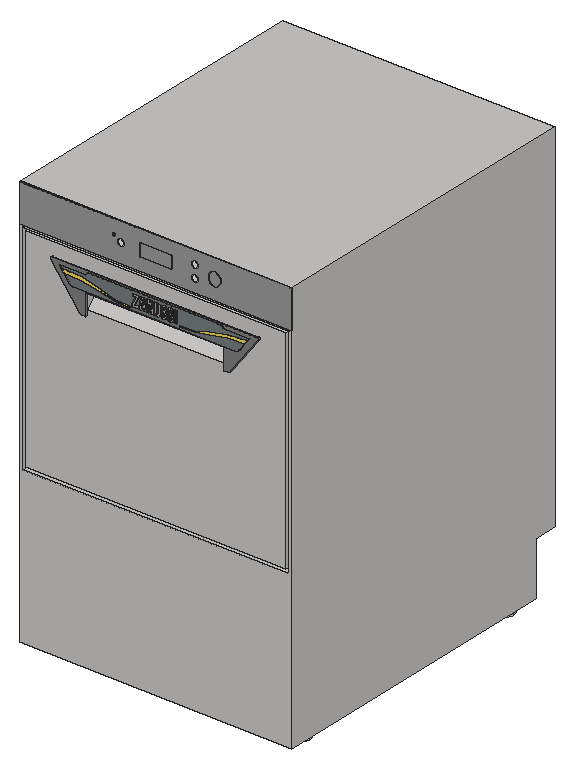
Revit family "QF_ZANUSSI_402190_ZTGWS1S", category Attrezzature speciali, Revit 2021
Family settings
  Quota connettore circolare = Usa diametro
  Tipo di parte = Normale
  Basato su piano di lavoro = No
  Sempre verticale = Sì
  Taglio con vuoti quando caricato = No
  Condiviso = No
  Punto di calcolo locali = No
Parameters (values of type "Standard")
  Weight = 36.50 kg
  Watts = 2700 W
  Volts = 220 V
  URL Manufacturer = "http://www.zanussiprofessional.com"
  URL = "http://www.zanussiprofessional.com"
  Steam Supply Size = 0 mm
  Steam Supply Minimum Pressure = 0.0 Pa
  Steam Supply Maximum Pressure = 0.0 Pa
  Steam Consumption per Hour = 0
  Show Logo [instance] = yes
  Show Clearance [instance] = yes
  Refrigeration Suction Line Size = 0 mm
  Refrigeration Liquid Line Size = 0 mm
  Refrigerant Compressor Remote = yes
  Produttore = "Zanussi"
  Phase = 1
  Modello = "ZTGWS1S"
  Length Actual = 455 mm  # constant formula
  Item Number = "402190"
  Hot Water Size = 0 mm
  Height Actual = 700 mm  # constant formula
  HP = "3.6 HP"
  Gas Size = 0 mm
  Gas KW = 0
  Gas Input Pressure = 0 W
  Direct Waste Size = 29 mm
  Descrizione = "UC GLASSWASHER (S), ELECTRONIC, SINGLE SKIN, PRESSURE, RINSE AID PUMP, 40R/H, 230/1/50HZ, SCHUKO PLUG"
  Prospetto di default = 0 mm
  Depth Actual = 550 mm  # constant formula
  Cycle = 50 Hz
  Condensate Return Size = 0 mm
  Compressed Air Volume = 0.0 L/s
  Compressed Air Size = 0 mm
  Compressed Air Pressure = 0.0 Pa
  Cold Water Size = 19.05 mm
  Accessory = yes
Reference planes
  plane 1 "Center (Front/Back)": y = 0
  plane 2: z = 0
  plane 3 "Center (Left/Right)": x = 0
  plane 4 "LEFT": x = -227.5
  plane 5 "RIGHT": x = 227.5
  plane 6 "FRONT": y = -275
  plane 7 "BACK": y = 275
  plane 8: z = 700
  plane 9: z = 10
  plane 10: y = 236
  plane 11 "2": y = -274
Forms (mm)
  Extrusion 1, solid, material "QF_Finishes_Stainless Steel", detail levels medium+fine
    sketch origin (0, 0, 0) x (1, 0, 0) y (0, 1, 0)
      loop
        line (-227.5, -275) -> (227.5, -275) -> (227.5, 236) -> (-227.5, 236) -> (-227.5, -275)
    from 10 to 700
  Extrusion 2, solid, material "QF_Finishes_Stainless Steel", detail levels medium+fine
    sketch origin (0, 0, 0) x (1, 0, 0) y (0, 1, 0)
      loop
        line (-227.5, 236) -> (227.5, 236) -> (227.5, 275) -> (-227.5, 275) -> (-227.5, 236)
    from 100 to 700
  Extrusion 3, solid, material "QF_Finishes_Stainless Steel", detail levels fine
    sketch origin (0, 0, 0) x (1, 0, 0) y (0, 1, 0)
      loop
        circle (-208, 198) r 12.5
      loop
        circle (208, 198) r 12.5
      loop
        circle (-208, -228) r 12.5
      loop
        circle (208, -228) r 12.5
    from 0 to 10
  Extrusion 4, void
    sketch origin (-227.5, -275, 0) x (-1, 0, 0) y (0, 0, 1)
      loop
        line (-5, 634.145) -> (-450, 634.145) -> (-450, 270) -> (-5, 270) -> (-5, 634.145)
    from 0 to 30
  Extrusion 5, solid, material "QF_Finishes_Stainless Steel"
    sketch origin (-212, -392, 752) x (0, 0, -1) y (1, 0, 0)
      loop
        circle (693, 215.5) r 10
    from -628 to -667
  Extrusion 6, solid, material "QF_Finishes_Stainless Steel"
    sketch origin (-432.481, -392, 722) x (0, 0, -1) y (1, 0, 0)
      loop
        circle (663, 324.981) r 8
    from -628 to -667
  Extrusion 7, solid, material "QF_Finishes_Stainless Steel"
    sketch origin (-268, -392, 682.5) x (0, 0, -1) y (1, 0, 0)
      loop
        circle (663, 230.5) r 8
    from -628 to -667
  Extrusion 8, solid, material "QF_Finishes_Stainless Steel"
    sketch origin (-50.5, 508.026, -145.045) x (0, -1, 0) y (0, 0, 1)
      loop
        line (755.578, 774.145) -> (755.578, 420.045) -> (783.026, 420.045) -> (783.026, 774.145) -> (755.578, 774.145)
    from -268.245 to 167
  Extrusion 9, solid, material "QF_Finishes_Grey"
    sketch origin (1109.779, -277.6, -140) x (-1, 0, 0) y (0, 0, 1)
      loop
        line (1224.779, 677.936) -> (1231.15, 677.936)
        arc (1231.15, 677.936) -> (1234.782, 678.808) -> (1237.622, 681.234) r 8
        line (1237.622, 681.234) -> (1283.237, 744.017)
        arc (1283.237, 744.017) -> (1283.404, 746.136) -> (1281.591, 747.247) r 2.035
        line (1281.591, 747.247) -> (937.967, 747.247)
        arc (937.967, 747.247) -> (936.154, 746.136) -> (936.321, 744.017) r 2.035
        line (936.321, 744.017) -> (981.935, 681.234)
        arc (981.935, 681.234) -> (984.775, 678.808) -> (988.407, 677.936) r 8
        line (988.407, 677.936) -> (994.779, 677.936) -> (994.779, 712.928) -> (1224.779, 712.928) -> (1224.779, 677.936)
      loop
        line (1252.743, 719.058) -> (1268.137, 740.247) -> (1224.779, 740.247) -> (1221.329, 745.174) -> (998.229, 745.174) -> (994.779, 740.247) -> (951.42, 740.247) -> (966.815, 719.058)
        arc (966.815, 719.058) -> (970.365, 716.026) -> (974.905, 714.936) r 10
        line (974.905, 714.936) -> (1244.653, 714.936)
        arc (1244.653, 714.936) -> (1249.192, 716.026) -> (1252.743, 719.058) r 10
    from 2.6 to 0.6
  Extrusion 10, solid, material "QF_Door-Drawer Clearances", detail levels coarse
    sketch origin (-50.5, 469.81, -129.52) x (0, -1, 0) y (0, 0, 1)
      loop
        arc (1151.948, 404.52) -> (1007.811, 649.792) -> (744.81, 758.257) r 446.578
        line (744.81, 758.257) -> (744.81, 404.52) -> (1151.948, 404.52)
    from -268.245 to 167
  Extrusion 11, void
    sketch origin (680, -275, 0) x (-1, 0, 0) y (0, 0, 1)
      loop
        line (907.5, 700) -> (452.5, 700) -> (452.5, 635.697) -> (907.5, 635.697) -> (907.5, 700)
    from 0 to 1
  Extrusion 12, void
    sketch origin (-227.5, 0, 0) x (0, 1, 0) y (0, 0, 1)
      loop
        line (-275, 607.247) -> (-275, 546.753) -> (-254.506, 567.247) -> (-254.506, 607.247) -> (-275, 607.247)
    from 112.5 to 342.5
  Extrusion 13, solid, material "QF_Finishes_Zanussi_Dark Gray"
    sketch origin (1109.779, -277.552, -140) x (-1, 0, 0) y (0, 0, 1)
      loop
        arc (1244.653, 714.936) -> (1249.192, 716.026) -> (1252.743, 719.058) r 10
        line (1252.743, 719.058) -> (1261.069, 730.518)
        arc (1261.069, 730.518) -> (1231.688, 728.995) -> (1202.67, 724.145) r 258.665
        arc (1202.67, 724.145) -> (1177.172, 718.988) -> (1151.199, 717.527) r 181.648
        line (1151.199, 717.527) -> (1151.199, 719.365)
        arc (1151.199, 719.365) -> (1175.804, 720.821) -> (1199.739, 726.707) r 135.575
        arc (1199.739, 726.707) -> (1232.367, 734.852) -> (1265.915, 737.189) r 192.294
        line (1265.915, 737.189) -> (1268.137, 740.247) -> (1224.779, 740.247) -> (1221.329, 745.174) -> (998.229, 745.174) -> (994.779, 740.247) -> (951.42, 740.247) -> (953.642, 737.189)
        arc (953.642, 737.189) -> (987.19, 734.852) -> (1019.818, 726.707) r 192.294
        arc (1019.818, 726.707) -> (1043.754, 720.821) -> (1068.359, 719.365) r 135.575
        line (1068.359, 719.365) -> (1068.359, 717.527)
        arc (1068.359, 717.527) -> (1042.385, 718.988) -> (1016.887, 724.145) r 181.648
        arc (1016.887, 724.145) -> (987.869, 728.995) -> (958.489, 730.518) r 258.665
        line (958.489, 730.518) -> (966.815, 719.058)
        arc (966.815, 719.058) -> (970.365, 716.026) -> (974.905, 714.936) r 10
        line (974.905, 714.936) -> (1244.653, 714.936)
      loop
        line (1136.811, 720.343) -> (1147.298, 720.343) -> (1147.298, 724.376) -> (1141.536, 736.476) -> (1146.837, 736.361) -> (1146.837, 740.048) -> (1136.811, 740.048) -> (1136.811, 736.706) -> (1142.86, 724.376) -> (1136.811, 724.376) -> (1136.811, 720.343)
      loop
        line (1131.023, 727.718) -> (1129.87, 736.68) -> (1128.718, 727.718) -> (1131.023, 727.718)
      loop
        line (1132.06, 720.343) -> (1136.208, 720.343) -> (1132.636, 740.048) -> (1127.105, 740.048) -> (1123.417, 720.343) -> (1127.566, 720.343) -> (1128.142, 724.145) -> (1131.484, 724.145) -> (1132.06, 720.343)
      loop
        line (1122.906, 740.048) -> (1118.643, 740.048) -> (1115.301, 727.487) -> (1115.301, 740.048) -> (1111.613, 740.048) -> (1111.613, 720.343) -> (1115.992, 720.343) -> (1119.334, 733.364) -> (1119.334, 720.343) -> (1122.906, 720.343) -> (1122.906, 740.048)
      loop
        line (1110.691, 725.216) -> (1110.691, 740.048) -> (1106.658, 740.048) -> (1106.658, 725.067)
        arc (1106.658, 725.067) -> (1105.298, 724.191) -> (1104.238, 725.413) r 1.235
        line (1104.238, 725.413) -> (1104.238, 740.048) -> (1100.205, 740.048) -> (1100.205, 724.491)
        arc (1100.205, 724.491) -> (1105.762, 720.311) -> (1110.691, 725.216) r 5.31
      loop
        line (1092.714, 733.825) -> (1092.714, 735.968)
        arc (1092.714, 735.968) -> (1094.339, 737.106) -> (1095.477, 735.482) r 1.402
        arc (1095.477, 735.482) -> (1095.156, 734.577) -> (1094.558, 733.825) r 2.907
        line (1094.558, 733.825) -> (1090.138, 729.847)
        arc (1090.138, 729.847) -> (1088.719, 726.858) -> (1088.799, 723.55) r 7.142
        arc (1088.799, 723.55) -> (1093.224, 720.347) -> (1098.478, 721.843) r 6.254
        arc (1098.478, 721.843) -> (1099.59, 724.436) -> (1099.629, 727.257) r 7.254
        line (1099.629, 727.257) -> (1095.606, 727.257)
        arc (1095.606, 727.257) -> (1095.588, 726.763) -> (1095.606, 726.269) r 7.151
        arc (1095.606, 726.269) -> (1095.624, 725.746) -> (1095.606, 725.223) r 7.57
        arc (1095.606, 725.223) -> (1095.371, 724.481) -> (1094.824, 723.927) r 1.659
        arc (1094.824, 723.927) -> (1093.007, 724.341) -> (1092.814, 726.195) r 1.601
        arc (1092.814, 726.195) -> (1093.594, 727.256) -> (1094.598, 728.108) r 5.667
        line (1094.598, 728.108) -> (1096.297, 729.614)
        arc (1096.297, 729.614) -> (1097.81, 731.196) -> (1099.043, 733.005) r 13.293
        arc (1099.043, 733.005) -> (1099.229, 736.278) -> (1097.728, 739.192) r 6.231
        arc (1097.728, 739.192) -> (1094.047, 740.392) -> (1090.367, 739.192) r 6.244
        arc (1090.367, 739.192) -> (1089.114, 737.614) -> (1088.849, 735.617) r 3.784
        line (1088.849, 735.617) -> (1088.912, 733.825) -> (1092.714, 733.825)
      loop
        line (1081.221, 733.825) -> (1081.221, 735.968)
        arc (1081.221, 735.968) -> (1082.846, 737.106) -> (1083.984, 735.482) r 1.402
        arc (1083.984, 735.482) -> (1083.663, 734.577) -> (1083.065, 733.825) r 2.907
        line (1083.065, 733.825) -> (1078.645, 729.847)
        arc (1078.645, 729.847) -> (1077.226, 726.858) -> (1077.306, 723.55) r 7.142
        arc (1077.306, 723.55) -> (1081.731, 720.347) -> (1086.985, 721.843) r 6.254
        arc (1086.985, 721.843) -> (1088.097, 724.436) -> (1088.136, 727.257) r 7.254
        line (1088.136, 727.257) -> (1084.113, 727.257)
        arc (1084.113, 727.257) -> (1084.095, 726.763) -> (1084.113, 726.269) r 7.151
        arc (1084.113, 726.269) -> (1084.131, 725.746) -> (1084.113, 725.223) r 7.57
        arc (1084.113, 725.223) -> (1083.878, 724.481) -> (1083.331, 723.927) r 1.659
        arc (1083.331, 723.927) -> (1081.514, 724.341) -> (1081.321, 726.195) r 1.601
        arc (1081.321, 726.195) -> (1082.101, 727.256) -> (1083.105, 728.108) r 5.667
        line (1083.105, 728.108) -> (1084.804, 729.614)
        arc (1084.804, 729.614) -> (1086.317, 731.196) -> (1087.55, 733.005) r 13.293
        arc (1087.55, 733.005) -> (1087.736, 736.278) -> (1086.235, 739.192) r 6.231
        arc (1086.235, 739.192) -> (1082.554, 740.392) -> (1078.874, 739.192) r 6.244
        arc (1078.874, 739.192) -> (1077.621, 737.614) -> (1077.356, 735.617) r 3.784
        line (1077.356, 735.617) -> (1077.419, 733.825) -> (1081.221, 733.825)
      loop
        line (1076.581, 740.048) -> (1072.548, 740.048) -> (1072.548, 720.343) -> (1076.581, 720.343) -> (1076.581, 740.048)
    from 0 to 2.552
  Extrusion 14, solid, material "QF_Finishes_Zanussi_Soft Gray"
    sketch origin (1109.779, -277.552, -140) x (-1, 0, 0) y (0, 0, 1)
      loop
        line (1136.811, 720.252) -> (1147.298, 720.252) -> (1147.298, 724.286) -> (1141.536, 736.385) -> (1146.837, 736.27) -> (1146.837, 739.958) -> (1136.811, 739.958) -> (1136.811, 736.616) -> (1142.86, 724.286) -> (1136.811, 724.286) -> (1136.811, 720.252)
      loop
        line (1131.023, 727.627) -> (1129.87, 736.59) -> (1128.718, 727.627) -> (1131.023, 727.627)
      loop
        line (1132.06, 720.252) -> (1136.208, 720.252) -> (1132.636, 739.958) -> (1127.105, 739.958) -> (1123.417, 720.252) -> (1127.566, 720.252) -> (1128.142, 724.055) -> (1131.484, 724.055) -> (1132.06, 720.252)
      loop
        line (1122.906, 739.958) -> (1118.643, 739.958) -> (1115.301, 727.397) -> (1115.301, 739.958) -> (1111.613, 739.958) -> (1111.613, 720.252) -> (1115.992, 720.252) -> (1119.334, 733.274) -> (1119.334, 720.252) -> (1122.906, 720.252) -> (1122.906, 739.958)
      loop
        line (1110.691, 725.126) -> (1110.691, 739.958) -> (1106.658, 739.958) -> (1106.658, 724.977)
        arc (1106.658, 724.977) -> (1105.298, 724.1) -> (1104.238, 725.323) r 1.235
        line (1104.238, 725.323) -> (1104.238, 739.958) -> (1100.205, 739.958) -> (1100.205, 724.401)
        arc (1100.205, 724.401) -> (1105.762, 720.22) -> (1110.691, 725.126) r 5.31
      loop
        line (1092.714, 733.735) -> (1092.714, 735.878)
        arc (1092.714, 735.878) -> (1094.339, 737.016) -> (1095.477, 735.392) r 1.402
        arc (1095.477, 735.392) -> (1095.156, 734.486) -> (1094.558, 733.735) r 2.907
        line (1094.558, 733.735) -> (1090.138, 729.757)
        arc (1090.138, 729.757) -> (1088.719, 726.767) -> (1088.799, 723.46) r 7.142
        arc (1088.799, 723.46) -> (1093.224, 720.257) -> (1098.478, 721.753) r 6.254
        arc (1098.478, 721.753) -> (1099.59, 724.346) -> (1099.629, 727.167) r 7.254
        line (1099.629, 727.167) -> (1095.606, 727.167)
        arc (1095.606, 727.167) -> (1095.588, 726.672) -> (1095.606, 726.178) r 7.151
        arc (1095.606, 726.178) -> (1095.624, 725.655) -> (1095.606, 725.132) r 7.57
        arc (1095.606, 725.132) -> (1095.371, 724.39) -> (1094.824, 723.837) r 1.659
        arc (1094.824, 723.837) -> (1093.007, 724.251) -> (1092.814, 726.104) r 1.601
        arc (1092.814, 726.104) -> (1093.594, 727.165) -> (1094.598, 728.017) r 5.667
        line (1094.598, 728.017) -> (1096.297, 729.523)
        arc (1096.297, 729.523) -> (1097.81, 731.106) -> (1099.043, 732.915) r 13.293
        arc (1099.043, 732.915) -> (1099.229, 736.187) -> (1097.728, 739.101) r 6.231
        arc (1097.728, 739.101) -> (1094.047, 740.302) -> (1090.367, 739.101) r 6.244
        arc (1090.367, 739.101) -> (1089.114, 737.523) -> (1088.849, 735.526) r 3.784
        line (1088.849, 735.526) -> (1088.912, 733.735) -> (1092.714, 733.735)
      loop
        line (1081.221, 733.735) -> (1081.221, 735.878)
        arc (1081.221, 735.878) -> (1082.846, 737.016) -> (1083.984, 735.392) r 1.402
        arc (1083.984, 735.392) -> (1083.663, 734.486) -> (1083.065, 733.735) r 2.907
        line (1083.065, 733.735) -> (1078.645, 729.757)
        arc (1078.645, 729.757) -> (1077.226, 726.767) -> (1077.306, 723.46) r 7.142
        arc (1077.306, 723.46) -> (1081.731, 720.257) -> (1086.985, 721.753) r 6.254
        arc (1086.985, 721.753) -> (1088.097, 724.346) -> (1088.136, 727.167) r 7.254
        line (1088.136, 727.167) -> (1084.113, 727.167)
        arc (1084.113, 727.167) -> (1084.095, 726.672) -> (1084.113, 726.178) r 7.151
        arc (1084.113, 726.178) -> (1084.131, 725.655) -> (1084.113, 725.132) r 7.57
        arc (1084.113, 725.132) -> (1083.878, 724.39) -> (1083.331, 723.837) r 1.659
        arc (1083.331, 723.837) -> (1081.514, 724.251) -> (1081.321, 726.104) r 1.601
        arc (1081.321, 726.104) -> (1082.101, 727.165) -> (1083.105, 728.017) r 5.667
        line (1083.105, 728.017) -> (1084.804, 729.523)
        arc (1084.804, 729.523) -> (1086.317, 731.106) -> (1087.55, 732.915) r 13.293
        arc (1087.55, 732.915) -> (1087.736, 736.187) -> (1086.235, 739.101) r 6.231
        arc (1086.235, 739.101) -> (1082.554, 740.302) -> (1078.874, 739.101) r 6.244
        arc (1078.874, 739.101) -> (1077.621, 737.523) -> (1077.356, 735.526) r 3.784
        line (1077.356, 735.526) -> (1077.419, 733.735) -> (1081.221, 733.735)
      loop
        line (1076.581, 739.958) -> (1072.548, 739.958) -> (1072.548, 720.252) -> (1076.581, 720.252) -> (1076.581, 739.958)
    from 0 to 2.552
  Extrusion 15, solid, material "QF_Finishes_Zanussi_Yellow"
    sketch origin (1109.779, -277.552, -140) x (-1, 0, 0) y (0, 0, 1)
      loop
        line (1261.069, 730.518) -> (1265.915, 737.189)
        arc (1265.915, 737.189) -> (1232.367, 734.852) -> (1199.739, 726.707) r 192.294
        arc (1199.739, 726.707) -> (1175.804, 720.821) -> (1151.199, 719.365) r 135.575
        line (1151.199, 719.365) -> (1151.199, 717.527)
        arc (1151.199, 717.527) -> (1177.172, 718.988) -> (1202.67, 724.145) r 181.648
        arc (1202.67, 724.145) -> (1231.688, 728.995) -> (1261.069, 730.518) r 258.665
      loop
        line (953.642, 737.189) -> (958.489, 730.518)
        arc (958.489, 730.518) -> (987.869, 728.995) -> (1016.887, 724.145) r 258.665
        arc (1016.887, 724.145) -> (1042.385, 718.988) -> (1068.359, 717.527) r 181.648
        line (1068.359, 717.527) -> (1068.359, 719.365)
        arc (1068.359, 719.365) -> (1043.754, 720.821) -> (1019.818, 726.707) r 135.575
        arc (1019.818, 726.707) -> (987.19, 734.852) -> (953.642, 737.189) r 192.294
    from 0 to 2.552
Cuts and joins
  Extrusion 4, Extrusion 11, Extrusion 12 cuts Extrusion 1
  Extrusion 11, Extrusion 12 cuts Extrusion 2
  joined: Extrusion 1, Extrusion 2
  Extrusion 12 cuts Extrusion 8
  Extrusion 12 cuts Extrusion 9
  Extrusion 12 cuts Extrusion 10
Lines and regions (mm)
  symbolic lines
    curve 1: line (-227.5, 275, 0) -> (227.5, 275, 0)
    curve 2: line (-227.5, -275, 0) -> (-227.5, 275, 0)
    curve 3: line (227.5, -275, 0) -> (-227.5, -275, 0)
    curve 4: line (227.5, 275, 0) -> (227.5, -275, 0)
    curve 8: line (-222.5, -275, 0) -> (222.5, -275, 0)
    curve 9: line (-222.5, -245, 0) -> (-222.5, -275, 0)
    curve 10: line (222.5, -245, 0) -> (-222.5, -245, 0)
    curve 11: line (222.5, -275, 0) -> (222.5, -245, 0)
  symbolic lines, style "QF_Door-Drawer Clearances"
    curve 5: line (-217.5, -682.138, 0) -> (217.5, -682.138, 0)
    curve 6: line (217.5, -682.138, 0) -> (217.5, -275, 0)
    curve 7: line (-217.5, -682.138, 0) -> (-217.5, -275, 0)
  symbolic lines, style "SpecialityEquipmentHiddenLines"
    curve 12: line (-115, -254.506, 0) -> (115, -254.506, 0)
    curve 13: line (-115, -275, 0) -> (-115, -254.506, 0)
    curve 14: line (115, -254.506, 0) -> (115, -275, 0)
Dimensions and locks
  equal spacing: plane 4 "LEFT", plane 3 "Center (Left/Right)", plane 5 "RIGHT"
  equal spacing: plane 7 "BACK", plane 1 "Center (Front/Back)", plane 6 "FRONT"
  plane 7 "BACK" to plane 6 "FRONT" = 550 mm
  plane 4 "LEFT" to plane 5 "RIGHT" = 455 mm
  locked: plane 9 to level at 10
  plane 4 "LEFT" to plane 3 "Center (Left/Right)" = 227.5 mm
  plane 8 to level = 700 mm  (x2)
  level to Extrusion 7 sketch curve = 19.5 mm
  Extrusion 7 sketch curve to plane 4 "LEFT" = 190 mm
  level to Extrusion 5 sketch curve = 59 mm
  Extrusion 5 sketch curve to plane 4 "LEFT" = 231 mm
  Extrusion 6 sketch curve to plane 4 "LEFT" = 120 mm
  level to Extrusion 6 sketch curve = 59 mm
  Extrusion 3 to cut or joined group of Extrusion 1, Extrusion 2, Extrusion 4, Extrusion 11, Extrusion 12 = 77 mm
  Extrusion 3 to Extrusion 3 = 426 mm
  plane 6 "FRONT" to Extrusion 3 = 47 mm
  plane 1 "Center (Front/Back)" to plane 6 "FRONT" = 275 mm
  locked: plane 7 "BACK" to plane 10 at 39
  plane 6 "FRONT" to curve 5 = 407.138 mm
  aligned and locked: level to plane 2
  aligned and locked: Extrusion 1 sketch curve to plane 6 "FRONT"
  aligned and locked: Extrusion 1 sketch curve to plane 4 "LEFT"
  aligned and locked: plane 5 "RIGHT" to Extrusion 1 sketch curve
  aligned and locked: Extrusion 1 to plane 9
  aligned and locked: Extrusion 2 sketch curve to Extrusion 1
  aligned and locked: plane 7 "BACK" to Extrusion 2 sketch curve
  aligned and locked: plane 5 "RIGHT" to Extrusion 2 sketch curve
  aligned and locked: plane 9 to Extrusion 3
  aligned and locked: cut or joined group of Extrusion 1, Extrusion 2, Extrusion 4, Extrusion 11, Extrusion 12 to plane 10
Automatic sketch dimensions
  Extrusion 9 sketch curve to plane 8 = 95.983 mm  (x2)
  plane 4 "LEFT" to Extrusion 9 sketch curve = 400.958 mm
  Extrusion 9 sketch curve to Extrusion 9 sketch curve = 1.646 mm  (x2)
  Extrusion 9 sketch curve to Extrusion 9 sketch curve = 13.454 mm  (x2)
  Extrusion 9 sketch curve to plane 8 = 120.942 mm  (x2)
  Extrusion 9 sketch curve to Extrusion 9 sketch curve = 15.395 mm  (x2)
  Extrusion 9 sketch curve to Extrusion 9 sketch curve = 8.09 mm  (x2)
  Extrusion 9 sketch curve to plane 8 = 158.766 mm  (x2)
  Extrusion 9 sketch curve to Extrusion 9 sketch curve = 7.03 mm
  Extrusion 9 sketch curve to Extrusion 9 sketch curve = 6.472 mm  (x2)
  Extrusion 9 sketch curve to Extrusion 9 sketch curve = 19.874 mm  (x3)
  Extrusion 9 sketch curve to Extrusion 9 sketch curve = 3.45 mm  (x3)
  Extrusion 9 sketch curve to plane 8 = 94.826 mm
  Extrusion 9 sketch curve to Extrusion 9 sketch curve = 223.1 mm
  Extrusion 9 sketch curve to plane 8 = 162.064 mm
  Extrusion 9 sketch curve to plane 8 = 99.753 mm
  Extrusion 9 sketch curve to Extrusion 9 sketch curve = 6.371 mm
  Extrusion 9 sketch curve to Extrusion 9 sketch curve = 3.298 mm
  Extrusion 9 sketch curve to plane 8 = 127.072 mm
  Extrusion 9 sketch curve to Extrusion 9 sketch curve = 4.122 mm
  Extrusion 9 sketch curve to Extrusion 9 sketch curve = 3.77 mm
  Extrusion 9 sketch curve to Extrusion 9 sketch curve = 1.196 mm
  Extrusion 11 sketch curve to plane 8 = 0 mm
  Extrusion 11 sketch curve to plane 4 "LEFT" = 0 mm
  Extrusion 11 sketch curve to plane 5 "RIGHT" = 0 mm
  Extrusion 11 sketch curve to plane 8 = 64.303 mm
  Extrusion 12 sketch curve to plane 6 "FRONT" = 0 mm
  plane 11 "2" to Extrusion 12 sketch curve = 19.494 mm
  Extrusion 12 sketch curve to plane 8 = 132.753 mm
  Extrusion 12 sketch curve to Extrusion 12 sketch curve = 40 mm
  Extrusion 12 sketch curve to Extrusion 12 sketch curve = 20.494 mm
  Extrusion 1 sketch curve to plane 10 = 0 mm
  Extrusion 2 sketch curve to plane 10 = 0 mm
  plane 4 "LEFT" to Extrusion 3 sketch curve = 19.5 mm  (x2)
  Extrusion 3 sketch curve to plane 5 "RIGHT" = 19.5 mm  (x2)
  plane 11 "2" to Extrusion 3 sketch curve = 46 mm  (x2)
  Extrusion 3 sketch curve to plane 10 = 38 mm  (x2)
  Extrusion 4 sketch curve to Extrusion 1 = 5 mm  (x2)
  Extrusion 4 sketch curve to Extrusion 1 = 260 mm
  Extrusion 4 sketch curve to Extrusion 1 = 65.855 mm
  Extrusion 8 sketch curve to plane 6 "FRONT" = 0 mm
  plane 11 "2" to Extrusion 8 sketch curve = 26.448 mm
  plane 9 to Extrusion 8 sketch curve = 265 mm
  Extrusion 8 sketch curve to plane 8 = 70.9 mm
  Extrusion 10 sketch curve to plane 6 "FRONT" = 0 mm
  plane 11 "2" to Extrusion 10 sketch curve = 28.894 mm
  plane 9 to Extrusion 10 sketch curve = 265 mm
  Extrusion 10 sketch curve to Extrusion 10 sketch curve = 407.138 mm
  Extrusion 10 sketch curve to Extrusion 10 sketch curve = 91.839 mm
  curve 3 to plane 4 "LEFT" = 0 mm
  curve 9 to plane 6 "FRONT" = 0 mm
  curve 7 to plane 6 "FRONT" = 0 mm
  curve 1 to plane 5 "RIGHT" = 0 mm
  curve 2 to plane 7 "BACK" = 0 mm
  curve 2 to curve 9 = 5 mm
  plane 4 "LEFT" to curve 7 = 10 mm
  plane 11 "2" to curve 13 = 19.494 mm
  curve 7 to curve 13 = 102.5 mm
  curve 12 to plane 5 "RIGHT" = 112.5 mm
  curve 5 to plane 5 "RIGHT" = 10 mm
  curve 11 to plane 5 "RIGHT" = 5 mm
  plane 11 "2" to curve 11 = 29 mm
  Extrusion 13 sketch curve to plane 5 "RIGHT" = 69.141 mm
  Extrusion 13 sketch curve to Extrusion 13 sketch curve = 2.222 mm  (x2)
  Extrusion 13 sketch curve to plane 5 "RIGHT" = 74.83 mm
  Extrusion 13 sketch curve to Extrusion 13 sketch curve = 4.847 mm  (x2)
  Extrusion 13 sketch curve to plane 5 "RIGHT" = 77.531 mm
  Extrusion 13 sketch curve to Extrusion 13 sketch curve = 8.326 mm  (x2)
  Extrusion 13 sketch curve to Extrusion 13 sketch curve = 8.09 mm  (x2)
  Extrusion 13 sketch curve to Extrusion 13 sketch curve = 19.874 mm  (x2)
  Extrusion 13 sketch curve to Extrusion 13 sketch curve = 3.45 mm  (x2)
  plane 8 to Extrusion 13 sketch curve = 14.87 mm  (x2)
  plane 3 "Center (Left/Right)" to Extrusion 13 sketch curve = 45.748 mm
  Extrusion 13 sketch curve to Extrusion 13 sketch curve = 1.522 mm
  Extrusion 13 sketch curve to Extrusion 13 sketch curve = 70.13 mm
  Extrusion 13 sketch curve to Extrusion 13 sketch curve = 4.189 mm
  Extrusion 13 sketch curve to Extrusion 13 sketch curve = 3.439 mm
  Extrusion 13 sketch curve to Extrusion 13 sketch curve = 4.013 mm
  Extrusion 13 sketch curve to Extrusion 13 sketch curve = 0.595 mm
  Extrusion 13 sketch curve to Extrusion 13 sketch curve = 1.369 mm  (x2)
  Extrusion 13 sketch curve to Extrusion 13 sketch curve = 0.063 mm  (x2)
  Extrusion 13 sketch curve to Extrusion 13 sketch curve = 1.226 mm
  Extrusion 13 sketch curve to Extrusion 13 sketch curve = 4.44 mm
  Extrusion 13 sketch curve to Extrusion 13 sketch curve = 3.748 mm  (x2)
  Extrusion 13 sketch curve to Extrusion 13 sketch curve = 0.017 mm  (x2)
  Extrusion 13 sketch curve to Extrusion 13 sketch curve = 0.101 mm  (x2)
  Extrusion 13 sketch curve to Extrusion 13 sketch curve = 0.42 mm  (x2)
  Extrusion 13 sketch curve to Extrusion 13 sketch curve = 1.456 mm  (x2)
  Extrusion 13 sketch curve to Extrusion 13 sketch curve = 0.913 mm  (x2)
  Extrusion 13 sketch curve to Extrusion 13 sketch curve = 0.961 mm  (x2)
  Extrusion 13 sketch curve to Extrusion 13 sketch curve = 0.255 mm  (x2)
  Extrusion 13 sketch curve to Extrusion 13 sketch curve = 0.105 mm  (x2)
  Extrusion 13 sketch curve to Extrusion 13 sketch curve = 0.511 mm  (x3)
  Extrusion 13 sketch curve to Extrusion 13 sketch curve = 0.287 mm  (x2)
  Extrusion 13 sketch curve to Extrusion 13 sketch curve = 1.008 mm  (x2)
  Extrusion 13 sketch curve to Extrusion 13 sketch curve = 1.5 mm  (x2)
  Extrusion 13 sketch curve to Extrusion 13 sketch curve = 1.699 mm  (x2)
  Extrusion 13 sketch curve to Extrusion 13 sketch curve = 2.034 mm  (x2)
  Extrusion 13 sketch curve to Extrusion 13 sketch curve = 4.877 mm
  Extrusion 13 sketch curve to Extrusion 13 sketch curve = 1.808 mm
  Extrusion 13 sketch curve to Extrusion 13 sketch curve = 0.082 mm
  Extrusion 13 sketch curve to Extrusion 13 sketch curve = 2.002 mm
  Extrusion 13 sketch curve to Extrusion 13 sketch curve = 3.111 mm  (x2)
  Extrusion 13 sketch curve to Extrusion 13 sketch curve = 1.247 mm
  Extrusion 13 sketch curve to Extrusion 13 sketch curve = 4.023 mm
  Extrusion 13 sketch curve to Extrusion 13 sketch curve = 2.466 mm
  Extrusion 13 sketch curve to Extrusion 13 sketch curve = 4.033 mm  (x3)
  Extrusion 13 sketch curve to Extrusion 13 sketch curve = 1.158 mm
  Extrusion 13 sketch curve to Extrusion 13 sketch curve = 0.077 mm
  Extrusion 13 sketch curve to Extrusion 13 sketch curve = 2.42 mm
  Extrusion 13 sketch curve to Extrusion 13 sketch curve = 0.922 mm
  Extrusion 13 sketch curve to Extrusion 13 sketch curve = 3.687 mm
  Extrusion 13 sketch curve to Extrusion 13 sketch curve = 4.379 mm
  Extrusion 13 sketch curve to Extrusion 13 sketch curve = 3.342 mm  (x5)
  Extrusion 13 sketch curve to Extrusion 13 sketch curve = 3.572 mm  (x2)
  Extrusion 13 sketch curve to Extrusion 13 sketch curve = 4.198 mm
  Extrusion 13 sketch curve to Extrusion 13 sketch curve = 4.148 mm
  Extrusion 13 sketch curve to Extrusion 13 sketch curve = 0.576 mm  (x3)
  Extrusion 13 sketch curve to Extrusion 13 sketch curve = 2.766 mm  (x2)
  Extrusion 13 sketch curve to Extrusion 13 sketch curve = 2.305 mm
  Extrusion 13 sketch curve to Extrusion 13 sketch curve = 4.149 mm
  Extrusion 13 sketch curve to Extrusion 13 sketch curve = 0.603 mm
  Extrusion 13 sketch curve to Extrusion 13 sketch curve = 4.175 mm
  Extrusion 13 sketch curve to Extrusion 13 sketch curve = 4.725 mm
  Extrusion 13 sketch curve to Extrusion 13 sketch curve = 6.049 mm
  Extrusion 13 sketch curve to Extrusion 13 sketch curve = 5.301 mm
  Extrusion 13 sketch curve to Extrusion 13 sketch curve = 4.438 mm
  Extrusion 13 sketch curve to plane 3 "Center (Left/Right)" = 41.42 mm
  Extrusion 13 sketch curve to plane 3 "Center (Left/Right)" = 44.225 mm
  Extrusion 13 sketch curve to plane 3 "Center (Left/Right)" = 45.748 mm
  Extrusion 13 sketch curve to plane 3 "Center (Left/Right)" = 111.55 mm
  Extrusion 13 sketch curve to plane 3 "Center (Left/Right)" = 149.969 mm
  Extrusion 13 sketch curve to Extrusion 13 sketch curve = 2.701 mm
  Extrusion 13 sketch curve to plane 8 = 94.826 mm
  Extrusion 13 sketch curve to Extrusion 13 sketch curve = 4.927 mm  (x2)
  Extrusion 13 sketch curve to Extrusion 13 sketch curve = 5.126 mm
  Extrusion 13 sketch curve to Extrusion 13 sketch curve = 0 mm  (x14)
  Extrusion 13 sketch curve to Extrusion 13 sketch curve = 0.487 mm  (x2)
  Extrusion 13 sketch curve to Extrusion 13 sketch curve = 3.058 mm  (x2)
  Extrusion 13 sketch curve to Extrusion 13 sketch curve = 3.368 mm
  Extrusion 13 sketch curve to Extrusion 13 sketch curve = 0.231 mm
  Extrusion 13 sketch curve to Extrusion 13 sketch curve = 3.688 mm
  Extrusion 13 sketch curve to Extrusion 13 sketch curve = 3.426 mm
  Extrusion 13 sketch curve to Extrusion 13 sketch curve = 3.913 mm
  Extrusion 13 sketch curve to Extrusion 13 sketch curve = 0.149 mm  (x3)
  Extrusion 13 sketch curve to Extrusion 13 sketch curve = 0.018 mm  (x2)
  Extrusion 13 sketch curve to Extrusion 13 sketch curve = 0.243 mm  (x2)
  Extrusion 13 sketch curve to Extrusion 13 sketch curve = 0.369 mm  (x2)
  Extrusion 13 sketch curve to Extrusion 13 sketch curve = 0.986 mm  (x2)
  Extrusion 13 sketch curve to Extrusion 13 sketch curve = 0.835 mm  (x2)
  Extrusion 13 sketch curve to Extrusion 13 sketch curve = 0.322 mm  (x2)
  Extrusion 13 sketch curve to Extrusion 13 sketch curve = 1.791 mm  (x2)
  Extrusion 13 sketch curve to Extrusion 13 sketch curve = 6.684 mm
  Extrusion 13 sketch curve to Extrusion 13 sketch curve = 6.671 mm  (x2)
  Extrusion 13 sketch curve to Extrusion 13 sketch curve = 3.978 mm  (x2)
  Extrusion 13 sketch curve to Extrusion 13 sketch curve = 4.212 mm  (x2)
  Extrusion 13 sketch curve to Extrusion 13 sketch curve = 1.506 mm  (x2)
  Extrusion 13 sketch curve to Extrusion 13 sketch curve = 8.962 mm
  Extrusion 13 sketch curve to Extrusion 13 sketch curve = 5.877 mm
  Extrusion 13 sketch curve to Extrusion 13 sketch curve = 2.357 mm
  Extrusion 13 sketch curve to Extrusion 13 sketch curve = 0.851 mm
  Extrusion 13 sketch curve to Extrusion 13 sketch curve = 0.494 mm  (x2)
  Extrusion 13 sketch curve to Extrusion 13 sketch curve = 0.751 mm  (x2)
  Extrusion 13 sketch curve to Extrusion 13 sketch curve = 0.818 mm
  Extrusion 13 sketch curve to Extrusion 13 sketch curve = 0.562 mm
  Extrusion 13 sketch curve to Extrusion 13 sketch curve = 1.511 mm
  Extrusion 13 sketch curve to Extrusion 13 sketch curve = 0.199 mm
  Extrusion 13 sketch curve to Extrusion 13 sketch curve = 1.155 mm
  Extrusion 13 sketch curve to Extrusion 13 sketch curve = 0.195 mm
  Extrusion 13 sketch curve to Extrusion 13 sketch curve = 1.103 mm  (x2)
  Extrusion 13 sketch curve to Extrusion 13 sketch curve = 0.896 mm  (x2)
  Extrusion 13 sketch curve to Extrusion 13 sketch curve = 0.065 mm  (x2)
  Extrusion 13 sketch curve to Extrusion 13 sketch curve = 5.582 mm  (x2)
  Extrusion 13 sketch curve to Extrusion 13 sketch curve = 1.982 mm
  Extrusion 13 sketch curve to Extrusion 13 sketch curve = 1.101 mm
  Extrusion 13 sketch curve to Extrusion 13 sketch curve = 3.803 mm  (x2)
  Extrusion 13 sketch curve to Extrusion 13 sketch curve = 5.403 mm
  Extrusion 13 sketch curve to Extrusion 13 sketch curve = 7.145 mm
  Extrusion 13 sketch curve to Extrusion 13 sketch curve = 0.978 mm  (x2)
  Extrusion 13 sketch curve to Extrusion 13 sketch curve = 5.878 mm
  Extrusion 13 sketch curve to Extrusion 13 sketch curve = 1.838 mm  (x2)
  Extrusion 13 sketch curve to Extrusion 13 sketch curve = 170.01 mm  (x2)
  Extrusion 13 sketch curve to Extrusion 13 sketch curve = 73.069 mm  (x2)
  Extrusion 13 sketch curve to Extrusion 13 sketch curve = 44.283 mm  (x2)
  Extrusion 13 sketch curve to Extrusion 13 sketch curve = 0.745 mm  (x2)
  Extrusion 13 sketch curve to Extrusion 13 sketch curve = 0.619 mm  (x2)
  Extrusion 13 sketch curve to Extrusion 13 sketch curve = 1.244 mm
  Extrusion 13 sketch curve to Extrusion 13 sketch curve = 2.477 mm
  plane 3 "Center (Left/Right)" to Extrusion 14 sketch curve = 37.231 mm
  Extrusion 14 sketch curve to Extrusion 14 sketch curve = 3.439 mm
  Extrusion 14 sketch curve to Extrusion 14 sketch curve = 4.013 mm
  Extrusion 14 sketch curve to Extrusion 14 sketch curve = 0.595 mm
  Extrusion 14 sketch curve to Extrusion 14 sketch curve = 1.369 mm  (x2)
  Extrusion 14 sketch curve to Extrusion 14 sketch curve = 0.063 mm  (x2)
  Extrusion 14 sketch curve to Extrusion 14 sketch curve = 1.226 mm
  Extrusion 14 sketch curve to Extrusion 14 sketch curve = 4.44 mm
  Extrusion 14 sketch curve to Extrusion 14 sketch curve = 3.748 mm  (x2)
  Extrusion 14 sketch curve to Extrusion 14 sketch curve = 0.017 mm  (x2)
  Extrusion 14 sketch curve to Extrusion 14 sketch curve = 0.101 mm  (x2)
  Extrusion 14 sketch curve to Extrusion 14 sketch curve = 0.42 mm  (x2)
  Extrusion 14 sketch curve to Extrusion 14 sketch curve = 1.456 mm  (x2)
  Extrusion 14 sketch curve to Extrusion 14 sketch curve = 0.913 mm  (x2)
  Extrusion 14 sketch curve to Extrusion 14 sketch curve = 0.961 mm  (x2)
  Extrusion 14 sketch curve to Extrusion 14 sketch curve = 0.255 mm  (x2)
  Extrusion 14 sketch curve to Extrusion 14 sketch curve = 0.105 mm  (x2)
  Extrusion 14 sketch curve to Extrusion 14 sketch curve = 0.511 mm  (x3)
  Extrusion 14 sketch curve to Extrusion 14 sketch curve = 0.287 mm  (x2)
  Extrusion 14 sketch curve to Extrusion 14 sketch curve = 1.008 mm  (x2)
  Extrusion 14 sketch curve to Extrusion 14 sketch curve = 1.5 mm  (x2)
  Extrusion 14 sketch curve to Extrusion 14 sketch curve = 1.699 mm  (x2)
  Extrusion 14 sketch curve to Extrusion 14 sketch curve = 2.034 mm  (x2)
  Extrusion 14 sketch curve to Extrusion 14 sketch curve = 4.877 mm
  Extrusion 14 sketch curve to Extrusion 14 sketch curve = 1.808 mm
  Extrusion 14 sketch curve to Extrusion 14 sketch curve = 0.082 mm
  Extrusion 14 sketch curve to Extrusion 14 sketch curve = 2.002 mm
  Extrusion 14 sketch curve to Extrusion 14 sketch curve = 3.111 mm  (x2)
  Extrusion 14 sketch curve to Extrusion 14 sketch curve = 1.247 mm
  Extrusion 14 sketch curve to Extrusion 14 sketch curve = 4.023 mm
  Extrusion 14 sketch curve to Extrusion 14 sketch curve = 2.466 mm
  Extrusion 14 sketch curve to Extrusion 14 sketch curve = 4.033 mm  (x4)
  Extrusion 14 sketch curve to Extrusion 14 sketch curve = 1.158 mm
  Extrusion 14 sketch curve to Extrusion 14 sketch curve = 0.077 mm
  Extrusion 14 sketch curve to Extrusion 14 sketch curve = 2.42 mm
  Extrusion 14 sketch curve to Extrusion 14 sketch curve = 0.922 mm
  Extrusion 14 sketch curve to Extrusion 14 sketch curve = 3.687 mm
  Extrusion 14 sketch curve to Extrusion 14 sketch curve = 4.379 mm
  Extrusion 14 sketch curve to Extrusion 14 sketch curve = 3.342 mm  (x3)
  Extrusion 14 sketch curve to Extrusion 14 sketch curve = 4.264 mm
  Extrusion 14 sketch curve to Extrusion 14 sketch curve = 4.198 mm
  Extrusion 14 sketch curve to Extrusion 14 sketch curve = 4.148 mm
  Extrusion 14 sketch curve to Extrusion 14 sketch curve = 0.576 mm  (x4)
  Extrusion 14 sketch curve to Extrusion 14 sketch curve = 2.766 mm  (x2)
  Extrusion 14 sketch curve to Extrusion 14 sketch curve = 2.305 mm
  Extrusion 14 sketch curve to Extrusion 14 sketch curve = 4.149 mm
  Extrusion 14 sketch curve to Extrusion 14 sketch curve = 0.603 mm
  Extrusion 14 sketch curve to Extrusion 14 sketch curve = 4.175 mm
  Extrusion 14 sketch curve to Extrusion 14 sketch curve = 4.725 mm
  Extrusion 14 sketch curve to Extrusion 14 sketch curve = 6.049 mm
  Extrusion 14 sketch curve to Extrusion 14 sketch curve = 5.301 mm
  Extrusion 14 sketch curve to Extrusion 14 sketch curve = 4.438 mm
  Extrusion 14 sketch curve to plane 8 = 119.748 mm
  Extrusion 14 sketch curve to Extrusion 14 sketch curve = 0 mm  (x17)
  Extrusion 14 sketch curve to Extrusion 14 sketch curve = 3.048 mm
  Extrusion 14 sketch curve to Extrusion 14 sketch curve = 3.803 mm
  Extrusion 14 sketch curve to Extrusion 14 sketch curve = 1.101 mm
  Extrusion 14 sketch curve to Extrusion 14 sketch curve = 0.149 mm  (x3)
  Extrusion 14 sketch curve to Extrusion 14 sketch curve = 1.947 mm  (x2)
  Extrusion 14 sketch curve to Extrusion 14 sketch curve = 0.035 mm  (x2)
  Extrusion 14 sketch curve to Extrusion 14 sketch curve = 0.065 mm  (x2)
  Extrusion 14 sketch curve to Extrusion 14 sketch curve = 5.403 mm
  Extrusion 14 sketch curve to Extrusion 14 sketch curve = 2.355 mm
  Extrusion 14 sketch curve to Extrusion 14 sketch curve = 0.607 mm  (x2)
  Extrusion 14 sketch curve to Extrusion 14 sketch curve = 1.103 mm  (x2)
  Extrusion 14 sketch curve to Extrusion 14 sketch curve = 0.818 mm
  Extrusion 14 sketch curve to Extrusion 14 sketch curve = 1.35 mm
  Extrusion 14 sketch curve to Extrusion 14 sketch curve = 1.511 mm
  Extrusion 14 sketch curve to Extrusion 14 sketch curve = 0.751 mm
  Extrusion 14 sketch curve to Extrusion 14 sketch curve = 2.271 mm
  Extrusion 14 sketch curve to Extrusion 14 sketch curve = 3.572 mm
  Extrusion 14 sketch curve to Extrusion 14 sketch curve = 0.851 mm  (x2)
  Extrusion 14 sketch curve to Extrusion 14 sketch curve = 1.506 mm  (x2)
  Extrusion 14 sketch curve to Extrusion 14 sketch curve = 2.59 mm
  Extrusion 14 sketch curve to Extrusion 14 sketch curve = 3.652 mm
  Extrusion 14 sketch curve to Extrusion 14 sketch curve = 5.877 mm
  Extrusion 14 sketch curve to Extrusion 14 sketch curve = 3.978 mm  (x2)
  Extrusion 14 sketch curve to Extrusion 14 sketch curve = 4.212 mm
  Extrusion 14 sketch curve to Extrusion 14 sketch curve = 0.322 mm  (x2)
  Extrusion 14 sketch curve to Extrusion 14 sketch curve = 1.157 mm  (x2)
  Extrusion 14 sketch curve to Extrusion 14 sketch curve = 1.791 mm  (x2)
  Extrusion 14 sketch curve to Extrusion 14 sketch curve = 0.743 mm  (x2)
  Extrusion 14 sketch curve to Extrusion 14 sketch curve = 0.986 mm  (x2)
  Extrusion 14 sketch curve to Extrusion 14 sketch curve = 0.018 mm  (x2)
  Extrusion 14 sketch curve to Extrusion 14 sketch curve = 11.985 mm
  Extrusion 14 sketch curve to Extrusion 14 sketch curve = 0.115 mm
  Extrusion 14 sketch curve to Extrusion 14 sketch curve = 8.962 mm
  Extrusion 14 sketch curve to Extrusion 14 sketch curve = 0.231 mm
  Extrusion 14 sketch curve to Extrusion 14 sketch curve = 0.37 mm  (x2)
  Extrusion 14 sketch curve to Extrusion 14 sketch curve = 6.684 mm
  Extrusion 14 sketch curve to Extrusion 14 sketch curve = 3.688 mm
  Extrusion 14 sketch curve to Extrusion 14 sketch curve = 0.487 mm
  Extrusion 14 sketch curve to Extrusion 14 sketch curve = 0.745 mm  (x2)
  Extrusion 14 sketch curve to Extrusion 14 sketch curve = 0.619 mm  (x2)
  Extrusion 14 sketch curve to Extrusion 14 sketch curve = 1.244 mm
  Extrusion 14 sketch curve to Extrusion 14 sketch curve = 2.477 mm
  Extrusion 15 sketch curve to plane 5 "RIGHT" = 71.363 mm
  Extrusion 15 sketch curve to plane 5 "RIGHT" = 74.83 mm
  Extrusion 15 sketch curve to Extrusion 15 sketch curve = 4.847 mm  (x2)
  Extrusion 15 sketch curve to plane 5 "RIGHT" = 77.531 mm
  plane 8 to Extrusion 15 sketch curve = 14.87 mm  (x2)
  plane 3 "Center (Left/Right)" to Extrusion 15 sketch curve = 45.748 mm
  Extrusion 15 sketch curve to Extrusion 15 sketch curve = 1.522 mm
  plane 3 "Center (Left/Right)" to Extrusion 15 sketch curve = 41.42 mm
  Extrusion 15 sketch curve to plane 3 "Center (Left/Right)" = 41.42 mm
  Extrusion 15 sketch curve to plane 3 "Center (Left/Right)" = 44.225 mm
  Extrusion 15 sketch curve to plane 3 "Center (Left/Right)" = 45.748 mm
  Extrusion 15 sketch curve to plane 3 "Center (Left/Right)" = 149.969 mm
  Extrusion 15 sketch curve to plane 3 "Center (Left/Right)" = 151.29 mm
  Extrusion 15 sketch curve to Extrusion 15 sketch curve = 2.701 mm
  Extrusion 15 sketch curve to plane 8 = 102.811 mm  (x2)
  Extrusion 15 sketch curve to Extrusion 15 sketch curve = 6.671 mm  (x2)
  Extrusion 15 sketch curve to Extrusion 15 sketch curve = 11.153 mm
  Extrusion 15 sketch curve to Extrusion 15 sketch curve = 0 mm
  Extrusion 15 sketch curve to Extrusion 15 sketch curve = 1.838 mm  (x2)
  Extrusion 15 sketch curve to Extrusion 15 sketch curve = 185.593 mm  (x2)
  Extrusion 15 sketch curve to Extrusion 15 sketch curve = 73.069 mm  (x2)
  Extrusion 15 sketch curve to Extrusion 15 sketch curve = 44.283 mm  (x2)
  radius of Extrusion 5 sketch curve = 10 mm
  radius of Extrusion 6 sketch curve = 8 mm
  radius of Extrusion 7 sketch curve = 8 mm
  radius of Extrusion 3 sketch curve = 12.5 mm  (x4)
Nested families
  nested 1: "GW_ControlPanel" at (-0.368, -274.5, 667.849), type "GW_ControlPanel"
Connectors
  piping at (3.5, 275, 59), diameter 29, driven by "Direct Waste Size"
    settings: on Extrusion 5, index 1, connector inside diameter 609.6 mm, connector length 0 mm, flow factor 0, pipe flow 0.0 L/s, pressure drop 0.0 Pa, fitting loss kfactor 0, connector angle 0.00°, fixture units 0, engagement length 0 mm, angle of deflection 0.00°, flow configuration 1, flow direction 1, fitting loss method 0, system type 16, joint type 0, gender type 0, connector reference index -1, connector utility 0, adjustable connector no, is connector primary yes, connector description "Drain"
  piping at (-107.5, 275, 59), diameter 19.05, driven by "Cold Water Size"
    settings: on Extrusion 6, index 3, connector inside diameter 609.6 mm, connector length 0 mm, flow factor 0, pipe flow 0.0 L/s, pressure drop 0.0 Pa, fitting loss kfactor 0, connector angle 0.00°, fixture units 0, engagement length 0 mm, angle of deflection 0.00°, flow configuration 1, flow direction 1, fitting loss method 0, system type 20, joint type 0, gender type 0, connector reference index -1, connector utility 0, adjustable connector no, is connector primary no, connector description "Cold Water Inlet"
  electrical at (-37.5, 275, 19.5), driven by "Volts"
    settings: on Extrusion 7, index 4, voltage 220 V, apparent load 0 VA, apparent load phase1 0 VA, apparent load phase2 0 VA, apparent load phase3 0 VA, power factor 1, load classification "Altro", number of poles 1, system type 31, power factor state 1, is connector primary yes, connector utility no, sub classification motor no, connector description "Electrical Connection"
Definition of nested family "GW_ControlPanel"
  Parameters (values of type "GW_ControlPanel")
    Default Elevation = 0 mm
  Reference planes
    plane 1 "Center (Front/Back)": y = 0
    plane 2: z = 0
    plane 3 "Center (Left/Right)": x = 0
  Forms (mm)
    Extrusion 1, solid
      sketch origin (1.418, 0.5, 0) x (1, 0, 0) y (0, 0, 1)
        loop
          line (-228.55, 32.151) -> (-228.55, -32.151) -> (226.45, -32.151) -> (226.45, 32.151) -> (-228.55, 32.151)
      from 0 to 1
    Extrusion 2, void
      sketch origin (0.368, 0.5, 0) x (1, 0, 0) y (0, 0, 1)
        loop
          circle (-70.471, 8.3) r 2
      from 0 to 1
    Extrusion 3, void
      sketch origin (0.368, 0.5, 0) x (1, 0, 0) y (0, 0, 1)
        loop
          circle (98.35, 0) r 10.499
      from 0 to 1
    Extrusion 4, void
      sketch origin (0.368, 0.5, 0) x (1, 0, 0) y (0, 0, 1)
        loop
          line (25.514, 10.5) -> (-25.514, 10.5)
          arc (-25.514, 10.5) -> (-26.207, 10.207) -> (-26.501, 9.514) r 1.001
          line (-26.501, 9.514) -> (-26.501, -9.514)
          arc (-26.501, -9.514) -> (-26.207, -10.207) -> (-25.514, -10.5) r 1.001
          line (-25.514, -10.5) -> (25.514, -10.5)
          arc (25.514, -10.5) -> (26.207, -10.206) -> (26.499, -9.513) r 1.001
          line (26.499, -9.513) -> (26.499, 9.513)
          arc (26.499, 9.513) -> (26.207, 10.206) -> (25.514, 10.5) r 1.001
      from 0 to 1
    Extrusion 5, void
      sketch origin (0.368, 0.5, 0) x (1, 0, 0) y (0, 0, 1)
        loop
          circle (-58.501, 0) r 5
      from 0 to 1
    Extrusion 6, solid
      sketch origin (0.368, 0.5, 0) x (1, 0, 0) y (0, 0, 1)
        loop
          circle (-58.501, 0) r 5
      from 0 to 1
    Extrusion 7, solid
      sketch origin (0.368, 0.5, 0) x (1, 0, 0) y (0, 0, 1)
        loop
          circle (-70.471, 8.3) r 2
      from 0 to 1
    Extrusion 8, solid
      sketch origin (0.368, 0.5, 0) x (1, 0, 0) y (0, 0.000001, 1)
        loop
          circle (98.35, 0) r 10.499
      from 0 to 1
    Extrusion 9, void
      sketch origin (0.368, 0.5, 0) x (1, 0, 0) y (0, 0, 1)
        loop
          circle (65.501, 10.339) r 5
        loop
          circle (65.501, -10.339) r 5
      from 0 to 1
    Extrusion 10, solid
      sketch origin (0.368, 0.5, 0) x (1, 0, 0) y (0, 0.000001, 1)
        loop
          circle (65.501, 10.339) r 5
        loop
          circle (65.501, -10.339) r 5
      from 0 to 1
    Extrusion 11, solid
      sketch origin (0.368, 0.5, 0) x (1, 0, 0) y (0, 0, 1)
        loop
          line (25.514, 10.5) -> (-25.514, 10.5)
          arc (-25.514, 10.5) -> (-26.207, 10.207) -> (-26.501, 9.514) r 1.001
          line (-26.501, 9.514) -> (-26.501, -9.514)
          arc (-26.501, -9.514) -> (-26.207, -10.207) -> (-25.514, -10.5) r 1.001
          line (-25.514, -10.5) -> (25.514, -10.5)
          arc (25.514, -10.5) -> (26.207, -10.206) -> (26.499, -9.513) r 1.001
          line (26.499, -9.513) -> (26.499, 9.513)
          arc (26.499, 9.513) -> (26.207, 10.206) -> (25.514, 10.5) r 1.001
      from 0 to 1
  Cuts and joins
    Extrusion 2, Extrusion 3, Extrusion 4, Extrusion 5, Extrusion 9 cuts Extrusion 1
  Dimensions and locks
    aligned and locked: level to plane 2
